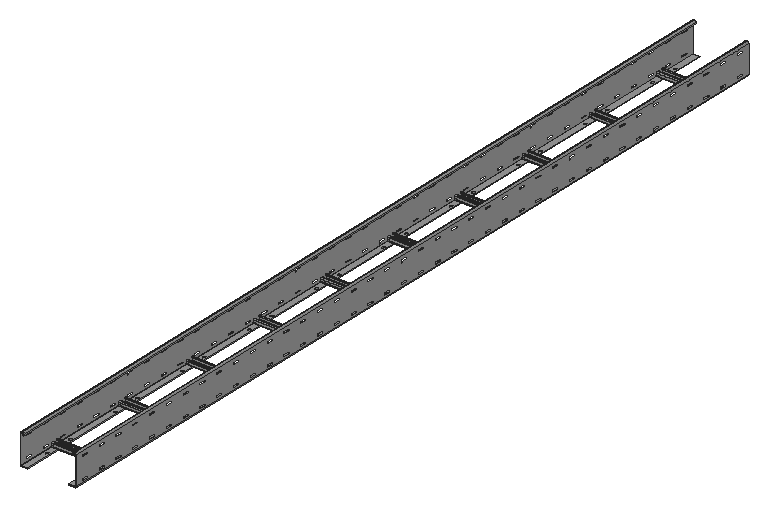
Revit family "Kabelleiter - LG 116 VS 6 FT -", category Generic Models, Revit 2017 (continued)
Dimensions and locks
  aligned and locked: cut or joined group of Extrusion 2, Extrusion 3, Extrusion 4, Extrusion 21, Extrusion 22, Extrusion 24, Extrusion 26, Extrusion 28, Extrusion 30, Extrusion 32, Extrusion 34, Extrusion 36, Extrusion 38, Extrusion 40, Extrusion 42, Extrusion 44, Extrusion 46, Extrusion 48, Extrusion 50, Extrusion 52, Extrusion 54, Extrusion 56, Extrusion 58, Extrusion 67, Extrusion 68, Extrusion 69, Extrusion 70, Extrusion 71, Extrusion 72, Extrusion 73, Extrusion 74, Extrusion 75, Extrusion 76, Extrusion 77, Extrusion 78, Extrusion 79, Extrusion 80, Extrusion 81, Extrusion 82, Extrusion 83, Extrusion 84, Extrusion 85, Extrusion 86, Extrusion 87, Extrusion 88, Extrusion 89, Extrusion 90, Extrusion 91, Extrusion 92, Extrusion 93, Extrusion 94, Extrusion 95, Extrusion 96, Extrusion 97, Extrusion 98, Extrusion 99, Extrusion 100, Extrusion 101, Extrusion 102, Extrusion 103, Extrusion 104, Extrusion 105, Extrusion 106, Extrusion 107, Extrusion 108, Extrusion 109, Extrusion 110, Extrusion 111, Extrusion 112, Extrusion 113, Extrusion 114, Extrusion 115, Extrusion 116, Extrusion 117, Extrusion 118, Extrusion 119, Extrusion 120, Extrusion 121, Extrusion 122, Extrusion 123, Extrusion 124, Extrusion 125, Extrusion 126, Extrusion 127, Extrusion 128, Extrusion 129, Extrusion 130, Extrusion 131, Extrusion 132, Extrusion 133, Extrusion 134, Extrusion 135, Extrusion 136, Extrusion 137, Extrusion 138, Extrusion 139, Extrusion 140, Extrusion 141, Extrusion 142, Extrusion 143, Extrusion 144, Extrusion 145 to Extrusion 1
  aligned and locked: cut or joined group 1 (Extrusion 1, Extrusion 3, Extrusion 4, Extrusion 19, Extrusion 20, Extrusion 23, Extrusion 25, Extrusion 27, Extrusion 29, Extrusion 31, Extrusion 33, Extrusion 35, Extrusion 37, Extrusion 39, Extrusion 41, Extrusion 43, Extrusion 45, Extrusion 47, Extrusion 49, Extrusion 51, Extrusion 53, Extrusion 55, Extrusion 57, Extrusion 145, Extrusion 146, Extrusion 148, Extrusion 149, Extrusion 150, Extrusion 151, Extrusion 152, Extrusion 153, Extrusion 154, Extrusion 155, Extrusion 156, Extrusion 157, Extrusion 158, Extrusion 159, Extrusion 160, Extrusion 161, Extrusion 162, Extrusion 163, Extrusion 164, Extrusion 165, Extrusion 166, Extrusion 167, Extrusion 168, Extrusion 169, Extrusion 170, Extrusion 171, Extrusion 172, Extrusion 173, Extrusion 174, Extrusion 175, Extrusion 176, Extrusion 177, Extrusion 178, Extrusion 179, Extrusion 180, Extrusion 181, Extrusion 182, Extrusion 183, Extrusion 184, Extrusion 185, Extrusion 186, Extrusion 187, Extrusion 188, Extrusion 189, Extrusion 190, Extrusion 191, Extrusion 192, Extrusion 193, Extrusion 194, Extrusion 195, Extrusion 196, Extrusion 197, Extrusion 198, Extrusion 199, Extrusion 200, Extrusion 201, Extrusion 202, Extrusion 203, Extrusion 204, Extrusion 205, Extrusion 206, Extrusion 207, Extrusion 208, Extrusion 209, Extrusion 210, Extrusion 211, Extrusion 212, Extrusion 213, Extrusion 214, Extrusion 215, Extrusion 216, Extrusion 217, Extrusion 218, Extrusion 219, Extrusion 220, Extrusion 221, Extrusion 222, Extrusion 223, Extrusion 224, Extrusion 225) to Extrusion 16
  aligned and locked: Extrusion 6 to Extrusion 16
  aligned and locked: cut or joined group of Extrusion 6, Extrusion 16, Extrusion 17, Extrusion 18 to cut or joined group of Extrusion 6, Extrusion 16, Extrusion 17, Extrusion 18  (x4)
  aligned and locked: Extrusion 21 to level
  aligned and locked: Extrusion 2 to Extrusion 21
  aligned and locked: plane 22 to cut or joined group of Extrusion 6, Extrusion 16, Extrusion 17, Extrusion 18
  aligned and locked: Extrusion 7 to cut or joined group 1  (x2)
  aligned and locked: Extrusion 8 to cut or joined group 1  (x2)
  aligned and locked: Extrusion 9 to cut or joined group 1  (x2)
  aligned and locked: Extrusion 10 to cut or joined group 1  (x2)
  aligned and locked: Extrusion 11 to cut or joined group 1  (x2)
  aligned and locked: Extrusion 12 to cut or joined group 1  (x2)
  aligned and locked: Extrusion 13 to cut or joined group 1
  aligned and locked: Extrusion 14 to cut or joined group 1
  aligned and locked: Extrusion 15 to cut or joined group 1
  aligned and locked: Extrusion 145 to plane 3 "Center (Left/Right)"
  aligned and locked: plane 22 to cut or joined group 1
  aligned and locked: cut or joined group 1 to Extrusion 226
Automatic sketch dimensions
  Extrusion 1 sketch curve to Extrusion 1 sketch curve = 0 mm  (x2)
  Extrusion 1 sketch curve to plane 3 "Center (Left/Right)" = 0 mm
  plane 3 "Center (Left/Right)" to Extrusion 1 sketch curve = 2.5 mm
  plane 13 to Extrusion 3 sketch curve = 5.398 mm
  plane 20 to Extrusion 5 sketch curve = 5.398 mm
  Extrusion 6 sketch curve to Extrusion 6 sketch curve = 0 mm  (x11)
  Extrusion 6 sketch curve to plane 21 = 0 mm  (x2)
  Extrusion 6 sketch curve to plane 21 = 8.416 mm
  Extrusion 6 sketch curve to Extrusion 6 sketch curve = 1.5 mm  (x2)
  Extrusion 6 sketch curve to Extrusion 6 sketch curve = 3.5 mm
  Extrusion 6 sketch curve to Extrusion 6 sketch curve = 9 mm  (x2)
  Extrusion 7 sketch curve to Extrusion 7 sketch curve = 0 mm  (x11)
  Extrusion 7 sketch curve to plane 23 = 0 mm  (x2)
  Extrusion 7 sketch curve to plane 23 = 8.416 mm
  Extrusion 7 sketch curve to Extrusion 7 sketch curve = 1.5 mm  (x2)
  Extrusion 7 sketch curve to Extrusion 7 sketch curve = 3.5 mm
  Extrusion 7 sketch curve to Extrusion 7 sketch curve = 9 mm  (x2)
  Extrusion 8 sketch curve to Extrusion 8 sketch curve = 0 mm  (x11)
  Extrusion 8 sketch curve to plane 24 = 0 mm  (x2)
  Extrusion 8 sketch curve to plane 24 = 8.416 mm
  Extrusion 8 sketch curve to Extrusion 8 sketch curve = 1.5 mm  (x2)
  Extrusion 8 sketch curve to Extrusion 8 sketch curve = 3.5 mm
  Extrusion 8 sketch curve to Extrusion 8 sketch curve = 9 mm  (x2)
  Extrusion 9 sketch curve to Extrusion 9 sketch curve = 0 mm  (x11)
  Extrusion 9 sketch curve to plane 25 = 0 mm  (x2)
  Extrusion 9 sketch curve to plane 25 = 8.416 mm
  Extrusion 9 sketch curve to Extrusion 9 sketch curve = 1.5 mm  (x2)
  Extrusion 9 sketch curve to Extrusion 9 sketch curve = 3.5 mm
  Extrusion 9 sketch curve to Extrusion 9 sketch curve = 9 mm  (x2)
  Extrusion 10 sketch curve to Extrusion 10 sketch curve = 0 mm  (x11)
  Extrusion 10 sketch curve to plane 26 = 0 mm  (x2)
  Extrusion 10 sketch curve to plane 26 = 8.416 mm
  Extrusion 10 sketch curve to Extrusion 10 sketch curve = 1.5 mm  (x2)
  Extrusion 10 sketch curve to Extrusion 10 sketch curve = 3.5 mm
  Extrusion 10 sketch curve to Extrusion 10 sketch curve = 9 mm  (x2)
  Extrusion 11 sketch curve to Extrusion 11 sketch curve = 0 mm  (x11)
  Extrusion 11 sketch curve to plane 27 = 0 mm  (x2)
  Extrusion 11 sketch curve to plane 27 = 8.416 mm
  Extrusion 11 sketch curve to Extrusion 11 sketch curve = 1.5 mm  (x2)
  Extrusion 11 sketch curve to Extrusion 11 sketch curve = 3.5 mm
  Extrusion 11 sketch curve to Extrusion 11 sketch curve = 9 mm  (x2)
  Extrusion 12 sketch curve to Extrusion 12 sketch curve = 0 mm  (x11)
  Extrusion 12 sketch curve to plane 28 = 0 mm  (x2)
  Extrusion 12 sketch curve to plane 28 = 8.416 mm
  Extrusion 12 sketch curve to Extrusion 12 sketch curve = 1.5 mm  (x2)
  Extrusion 12 sketch curve to Extrusion 12 sketch curve = 3.5 mm
  Extrusion 12 sketch curve to Extrusion 12 sketch curve = 9 mm  (x2)
  Extrusion 13 sketch curve to Extrusion 13 sketch curve = 0 mm  (x11)
  Extrusion 13 sketch curve to plane 29 = 0 mm  (x2)
  Extrusion 13 sketch curve to plane 29 = 8.416 mm
  Extrusion 13 sketch curve to Extrusion 13 sketch curve = 1.5 mm  (x2)
  Extrusion 13 sketch curve to Extrusion 13 sketch curve = 3.5 mm
  Extrusion 13 sketch curve to Extrusion 13 sketch curve = 9 mm  (x2)
  Extrusion 14 sketch curve to Extrusion 14 sketch curve = 0 mm  (x11)
  Extrusion 14 sketch curve to plane 30 = 0 mm  (x2)
  Extrusion 14 sketch curve to plane 30 = 8.416 mm
  Extrusion 14 sketch curve to Extrusion 14 sketch curve = 1.5 mm  (x2)
  Extrusion 14 sketch curve to Extrusion 14 sketch curve = 3.5 mm
  Extrusion 14 sketch curve to Extrusion 14 sketch curve = 9 mm  (x2)
  Extrusion 15 sketch curve to Extrusion 15 sketch curve = 0 mm  (x11)
  Extrusion 15 sketch curve to plane 31 = 0 mm  (x2)
  Extrusion 15 sketch curve to plane 31 = 8.416 mm
  Extrusion 15 sketch curve to Extrusion 15 sketch curve = 1.5 mm  (x2)
  Extrusion 15 sketch curve to Extrusion 15 sketch curve = 3.5 mm
  Extrusion 15 sketch curve to Extrusion 15 sketch curve = 9 mm  (x2)
  Extrusion 19 sketch curve to plane 39 = 0 mm
  Extrusion 20 sketch curve to plane 43 = 0 mm
  Extrusion 21 sketch curve to plane 46 = 0 mm
  Extrusion 22 sketch curve to plane 49 = 0 mm
  level to Extrusion 6 sketch curve = 1.5 mm
  level to Extrusion 7 sketch curve = 1.5 mm
  level to Extrusion 8 sketch curve = 1.5 mm
  level to Extrusion 9 sketch curve = 1.5 mm
  level to Extrusion 10 sketch curve = 1.5 mm
  level to Extrusion 11 sketch curve = 1.5 mm
  level to Extrusion 12 sketch curve = 1.5 mm
  level to Extrusion 13 sketch curve = 1.5 mm
  level to Extrusion 14 sketch curve = 1.5 mm
  level to Extrusion 15 sketch curve = 1.5 mm
  Extrusion 23 sketch curve to plane 53 = 0 mm
  Extrusion 24 sketch curve to plane 56 = 0 mm
  Extrusion 25 sketch curve to plane 60 = 0 mm
  Extrusion 26 sketch curve to plane 63 = 0 mm
  Extrusion 27 sketch curve to plane 67 = 0 mm
  Extrusion 28 sketch curve to plane 70 = 0 mm
  Extrusion 29 sketch curve to plane 74 = 0 mm
  Extrusion 30 sketch curve to plane 77 = 0 mm
  Extrusion 31 sketch curve to plane 81 = 0 mm
  Extrusion 32 sketch curve to plane 84 = 0 mm
  Extrusion 33 sketch curve to plane 88 = 0 mm
  Extrusion 34 sketch curve to plane 91 = 0 mm
  Extrusion 35 sketch curve to plane 95 = 0 mm
  Extrusion 36 sketch curve to plane 98 = 0 mm
  Extrusion 37 sketch curve to plane 102 = 0 mm
  Extrusion 38 sketch curve to plane 105 = 0 mm
  Extrusion 39 sketch curve to plane 109 = 0 mm
  Extrusion 40 sketch curve to plane 112 = 0 mm
  Extrusion 41 sketch curve to plane 116 = 0 mm
  Extrusion 42 sketch curve to plane 119 = 0 mm
  Extrusion 43 sketch curve to plane 123 = 0 mm
  Extrusion 44 sketch curve to plane 126 = 0 mm
  Extrusion 45 sketch curve to plane 130 = 0 mm
  Extrusion 46 sketch curve to plane 133 = 0 mm
  Extrusion 47 sketch curve to plane 137 = 0 mm
  Extrusion 48 sketch curve to plane 140 = 0 mm
  Extrusion 49 sketch curve to plane 144 = 0 mm
  Extrusion 50 sketch curve to plane 147 = 0 mm
  Extrusion 51 sketch curve to plane 151 = 0 mm
  Extrusion 52 sketch curve to plane 154 = 0 mm
  Extrusion 53 sketch curve to plane 158 = 0 mm
  Extrusion 54 sketch curve to plane 161 = 0 mm
  Extrusion 55 sketch curve to plane 165 = 0 mm
  Extrusion 56 sketch curve to plane 168 = 0 mm
  Extrusion 57 sketch curve to plane 172 = 0 mm
  Extrusion 58 sketch curve to plane 175 = 0 mm
  plane 197 to Extrusion 67 sketch curve = 5.398 mm
  plane 204 to Extrusion 69 sketch curve = 5.398 mm
  plane 211 to Extrusion 71 sketch curve = 5.398 mm
  plane 218 to Extrusion 73 sketch curve = 5.398 mm
  plane 225 to Extrusion 75 sketch curve = 5.398 mm
  plane 232 to Extrusion 77 sketch curve = 5.398 mm
  plane 239 to Extrusion 79 sketch curve = 5.398 mm
  plane 246 to Extrusion 81 sketch curve = 5.398 mm
  plane 253 to Extrusion 83 sketch curve = 5.398 mm
  plane 260 to Extrusion 85 sketch curve = 5.398 mm
  plane 267 to Extrusion 87 sketch curve = 5.398 mm
  plane 274 to Extrusion 89 sketch curve = 5.398 mm
  plane 281 to Extrusion 91 sketch curve = 5.398 mm
  plane 288 to Extrusion 93 sketch curve = 5.398 mm
  plane 295 to Extrusion 95 sketch curve = 5.398 mm
  plane 302 to Extrusion 97 sketch curve = 5.398 mm
  plane 309 to Extrusion 99 sketch curve = 5.398 mm
  plane 316 to Extrusion 101 sketch curve = 5.398 mm
  plane 323 to Extrusion 103 sketch curve = 5.398 mm
  plane 330 to Extrusion 105 sketch curve = 5.398 mm
  plane 337 to Extrusion 107 sketch curve = 5.398 mm
  plane 344 to Extrusion 109 sketch curve = 5.398 mm
  plane 351 to Extrusion 111 sketch curve = 5.398 mm
  plane 358 to Extrusion 113 sketch curve = 5.398 mm
  plane 365 to Extrusion 115 sketch curve = 5.398 mm
  plane 372 to Extrusion 117 sketch curve = 5.398 mm
  plane 379 to Extrusion 119 sketch curve = 5.398 mm
  plane 386 to Extrusion 121 sketch curve = 5.398 mm
  plane 393 to Extrusion 123 sketch curve = 5.398 mm
  plane 400 to Extrusion 125 sketch curve = 5.398 mm
  plane 407 to Extrusion 127 sketch curve = 5.398 mm
  plane 414 to Extrusion 129 sketch curve = 5.398 mm
  plane 421 to Extrusion 131 sketch curve = 5.398 mm
  plane 428 to Extrusion 133 sketch curve = 5.398 mm
  plane 435 to Extrusion 135 sketch curve = 5.398 mm
  plane 442 to Extrusion 137 sketch curve = 5.398 mm
  plane 449 to Extrusion 139 sketch curve = 5.398 mm
  plane 456 to Extrusion 141 sketch curve = 5.398 mm
  plane 463 to Extrusion 143 sketch curve = 5.398 mm
  Extrusion 2 sketch curve to Extrusion 2 sketch curve = 0 mm  (x2)
  Extrusion 2 sketch curve to level = 0 mm
  Extrusion 2 sketch curve to Extrusion 2 sketch curve = 1 mm
